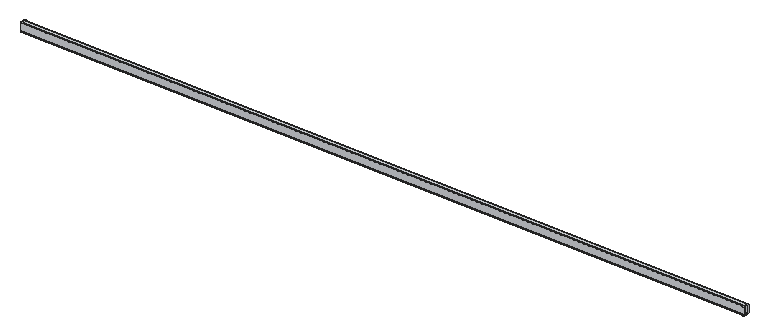
Revit family "33W.75x1.5 Web", category Structural Framing, Revit 2020
Family settings
  Section Shape = Not Defined
  Material for Model Behavior = Steel
  Always export as geometry = No
  OmniClass Number = 23.25.30.11.14.14
  OmniClass Title = Beams
  Always vertical = Yes
  Cut with Voids When Loaded = No
  Symbolic Representation = From Family
  Shared = No
  Show family pre-cut in plan views = Yes
Parameters
  Weight lbs per ft [instance] = 0.501
  URL = "https://www.trussteel.com/details_files/pdf/ts009.pdf"
  Total Member Weight lbs [instance] = Length / 1' 0" * Weight lbs per ft  # 5.01
  Structural Material = ASTM A500 Grade A Modified Fy 45 ksi
  Steel Design Thickness (in) [instance] = 0.035
  Model = "33W.75x1.5"
  Manufacturer = "TrusSteel"
  Length [instance] = 10' - 0"
  Fy (ksi) [instance] = 45
  Fu (ksi) [instance] = 55
  Description = "Tube Web"
  Cross Section Area (in2) [instance] = 0.1473
  Beam Width = 0' - 0 3/4"
  Beam Height = 0' - 1 1/2"
Reference planes (in)
  plane 1 "Center (Front/Back)": y = 0
  plane 2 "Center El.": z = 0
  plane 3 "Center (Left/Right)": x = 0
  plane 4 "Left": x = -60
  plane 5 "Right": x = 60
Forms (in)
  Extrusion 1, solid
    sketch origin (-60, 0.00557, -0.27273) x (0, -1, 0) y (0, 0, 1)
      loop
        line (-0.36943, 0.91773) -> (-0.36943, -0.37227)
        arc (-0.36943, -0.37227) -> (-0.33868, -0.44652) -> (-0.26443, -0.47727) r 0.105
        line (-0.26443, -0.47727) -> (0.27557, -0.47727)
        arc (0.27557, -0.47727) -> (0.34981, -0.44652) -> (0.38057, -0.37227) r 0.105
        line (0.38057, -0.37227) -> (0.38057, 0.91773)
        arc (0.38057, 0.91773) -> (0.34981, 0.99198) -> (0.27557, 1.02273) r 0.105
        line (0.27557, 1.02273) -> (-0.26443, 1.02273)
        arc (-0.26443, 1.02273) -> (-0.33868, 0.99198) -> (-0.36943, 0.91773) r 0.105
      loop
        arc (0.34557, 0.91773) -> (0.32506, 0.96723) -> (0.27557, 0.98773) r 0.07
        line (0.27557, 0.98773) -> (-0.26443, 0.98773)
        arc (-0.26443, 0.98773) -> (-0.31393, 0.96723) -> (-0.33443, 0.91773) r 0.07
        line (-0.33443, 0.91773) -> (-0.33443, -0.37227)
        arc (-0.33443, -0.37227) -> (-0.31393, -0.42177) -> (-0.26443, -0.44227) r 0.07
        line (-0.26443, -0.44227) -> (0.27557, -0.44227)
        arc (0.27557, -0.44227) -> (0.32506, -0.42177) -> (0.34557, -0.37227) r 0.07
        line (0.34557, -0.37227) -> (0.34557, 0.91773)
    from 0 to -120
Dimensions and locks (in)
  equal spacing: plane 4 "Left", plane 3 "Center (Left/Right)", plane 5 "Right"
  "Length": plane 4 "Left" to plane 5 "Right"
  "Beam Width": Extrusion 1 to Extrusion 1
  "Beam Height": Extrusion 1 to Extrusion 1
  aligned and locked: level to plane 2 "Center El."
  aligned and locked: plane 4 "Left" to Extrusion 1
  aligned and locked: Extrusion 1 to plane 5 "Right"
Automatic sketch dimensions
  Extrusion 1 sketch curve to Extrusion 1 sketch curve = 0' - 0"  (x15)
  Extrusion 1 sketch curve to Extrusion 1 sketch curve = 0' - 0.07"  (x3)
  Extrusion 1 sketch curve to level = 0' - 0.645"
  Extrusion 1 sketch curve to plane 1 "Center (Front/Back)" = 0' - 0 3/8"
  Extrusion 1 sketch curve to Extrusion 1 sketch curve = 0' - 0.035"
  Extrusion 1 sketch curve to Extrusion 1 sketch curve = 0' - 0.54"  (x2)
  level to Extrusion 1 sketch curve = 0' - 0.645"
